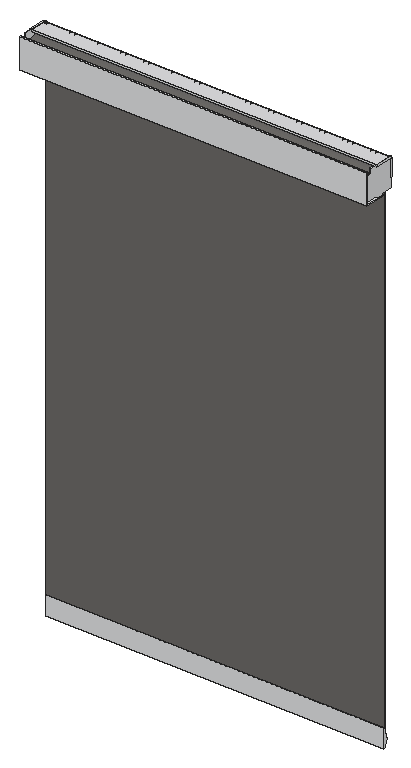
Revit family "Shades-Hunter_Douglas-RB500-Single_Heavy_Duty-Auto-Bracket_Fascia-4in", category Specialty Equipment, Revit 2026
Family settings
  Round Connector Dimension = Use Diameter
  Part Type = Normal
  Classification Number = 23.30.60.14
  Work Plane-Based = No
  Enable Cutting in Views = No
  Always vertical = Yes
  Cut with Voids When Loaded = No
  Maintain Annotation Orientation = No
  Shared = No
  Room Calculation Point = No
Parameters (values of type "Automated")
  URL = "https://www.hunterdouglasarchitectural.com/"
  Type Comments = "Block Out Shade"  # constant formula
  Model = "Heavy Duty Automated 4IN Bracket Fascia"  # constant formula
  Manufacturer = "Hunter Douglas Architectural"  # constant formula
  Description = "Heavy Duty Automatic Roller Shade"  # constant formula
  Default Elevation = 0' - 0"
  CD_Width [instance] = 4' - 0"
  CD_Warranty = "https://assets.hunterdouglasarchitectural.com/documents/RB500/Lifetime_Guarantee_HDA.pdf?_rand=1465740819000"
  CD_Product Page URL = "https://www.hunterdouglasarchitectural.com/windowcoverings/rollershades/RB500/index.jsp"
  CD_Product Name = "RB 500 Roller Shade System"  # constant formula
  CD_Product Documentation Link = "https://www.hunterdouglasarchitectural.com/windowcoverings/rollershades/RB500/index.jsp#cadDrawing"
  CD_Opening Percentage [instance] = 25
  CD_Microsite = "https://microsite.caddetails.com/1669"
  CD_Install Documentation = "https://www.hunterdouglasarchitectural.com/windowcoverings/rollershades/RB500/index.jsp#installationPage"
  CD_Height Opening [instance] = ((CD_Height - CD_Bracket Height - 0' 1 101/256") * CD_Opening Percentage) / 100  # 1' - 10.55957"
  CD_Height [instance] = 8' - 0"
  CD_Finish Rail = Metal-Aluminum-Hunter_Douglas-Anodized
  CD_Finish Frame = Metal-Aluminum-Hunter_Douglas-Anodized
  CD_Finish = Fabric-Shade-Hunter_Douglas-5%-E_Screen-Charcoal_Cocoa
  CD_Fabric Sizing Disclaimer = "Designer to verify maximum fabric size with Manufacturer as the maximum fabric size is dependent on finished dimensions"  # constant formula
  CD_Bracket Height = 0' - 4 47/128"  # constant formula
  CD_Bracket Depth = 0' - 4 35/128"  # constant formula
  Assembly Code = "E2010300"
Reference planes (in)
  plane 1 "Center (Front/Back)": y = 0
  plane 2 "Bottom": z = 0
  plane 3 "Center (Left/Right)": x = 0
  plane 4 "Top": z = 96
  plane 5 "Left": x = -24
  plane 6 "Right": x = 24
  plane 7 "Back": y = 2.13672
  plane 8 "Front": y = -2.13672
  plane 9 "Opening": z = 22.55957
  plane 10 "Head Height": z = 91.63281
  plane 11 "Shade Left": x = -23.44922
  plane 12 "Shade Right": x = 23.44922
  plane 13 "Blind Location": y = 1.60373
  plane 14 "Center (Elevation)": z = 93.81641
Forms (in)
  Extrusion 1, solid, material "Metal-Aluminum-Hunter_Douglas-Anodized" <- "CD_Finish Frame", detail levels medium+fine
    sketch origin (0, 0, 0) x (0, 1, 0) y (0, 0, 1)
      loop
        line (1.98672, 95.61897) -> (1.98672, 93.40397) -> (2.13672, 93.40397) -> (2.13672, 95.61897)
        arc (2.13672, 95.61897) -> (2.04006, 95.85232) -> (1.80672, 95.94897) r 0.33
        line (1.80672, 95.94897) -> (-0.44247, 95.94897) -> (-0.44247, 95.79897) -> (1.80672, 95.79897)
        arc (1.80672, 95.79897) -> (1.934, 95.74625) -> (1.98672, 95.61897) r 0.18
    from -24 to 24
  Extrusion 2, solid, material "Metal-Aluminum-Hunter_Douglas-Anodized" <- "CD_Finish Frame", detail levels coarse
    sketch origin (0, 0, 0) x (0, 1, 0) y (0, 0, 1)
      loop
        line (2.13672, 91.63281) -> (2.13672, 96) -> (-2.13672, 96) -> (-2.13672, 91.63281) -> (2.13672, 91.63281)
    from -24 to 24
  Extrusion 3, solid, material "Fabric-Shade-Hunter_Douglas-5%-E_Screen-Charcoal_Cocoa" <- "CD_Finish"
    sketch origin (0, 0, 0) x (0, 1, 0) y (0, 0, 1)
      loop
        line (1.62122, 22.55957) -> (1.62122, 92.41406) -> (1.58623, 92.41406) -> (1.58623, 22.55957) -> (1.62122, 22.55957)
    from -23.44922 to 23.44922
  Extrusion 4, solid, material "Metal-Aluminum-Hunter_Douglas-Anodized" <- "CD_Finish Frame", detail levels medium+fine
    sketch origin (0, 0, 0) x (0, 1, 0) y (0, 0, 1)
      loop
        arc (0.92385, 91.63384) -> (0.96914, 91.65566) -> (0.98029, 91.70468) r 0.05791
        line (0.98029, 91.70468) -> (-2.06581, 91.70468) -> (-2.06581, 95.79206) -> (-2.13672, 95.79206) -> (-2.13672, 91.63384) -> (0.92385, 91.63384)
    from -24 to 24
  Extrusion 5, solid, material "Metal-Aluminum-Hunter_Douglas-Anodized" <- "CD_Finish Frame", detail levels medium+fine
    sketch origin (24, 0, 0) x (0, 0, 1) y (0, -1, 0)
      loop
        line (95.94897, -2.08672) -> (95.94897, 1.38351) -> (95.2798, 1.38351) -> (95.2798, 1.98828) -> (92.06157, 1.98828) -> (92.04397, 1.9578) -> (92.04397, 0.61328) -> (91.86397, 0.30078) -> (91.86397, -0.27422) -> (92.04397, -0.58672) -> (92.04397, -2.08672) -> (95.94897, -2.08672)
    from -0.125 to 0
  Extrusion 6, solid, material "Metal-Aluminum-Hunter_Douglas-Anodized" <- "CD_Finish Frame", detail levels medium+fine
    sketch origin (-24, 0, 0) x (0, 0, 1) y (0, -1, 0)
      loop
        line (95.94897, -2.08672) -> (95.94897, 1.38351) -> (95.2798, 1.38351) -> (95.2798, 1.98828) -> (92.06157, 1.98828) -> (92.04397, 1.9578) -> (92.04397, 0.61328) -> (91.86397, 0.30078) -> (91.86397, -0.27422) -> (92.04397, -0.58672) -> (92.04397, -2.08672) -> (95.94897, -2.08672)
    from 0 to 0.125
  Extrusion 7, solid, material "Metal-Aluminum-Hunter_Douglas-Anodized" <- "CD_Finish Rail", detail levels fine
    sketch origin (0, 0, 0) x (0, 1, 0) y (0, 0, 1)
      loop
        line (1.90451, 23.84109) -> (1.63672, 24.85966) -> (1.63672, 25.13923) -> (1.57422, 25.13923) -> (1.57422, 22.55957) -> (1.69789, 22.55957) -> (1.90345, 23.32858)
        arc (1.90345, 23.32858) -> (1.93737, 23.58477) -> (1.90451, 23.84109) r 1
    from -23.44922 to 23.44922
  Extrusion 8, solid, material "Fabric-Shade-Hunter_Douglas-5%-E_Screen-Charcoal_Cocoa" <- "CD_Finish"
    sketch origin (0, 0, 0) x (0, 1, 0) y (0, 0, 1)
      loop
        arc (1.62122, 94.02462) -> (-1.66075, 93.89036) -> (1.58623, 93.39394) r 1.65
        line (1.58623, 93.39394) -> (1.58623, 92.41406) -> (1.62122, 92.41406) -> (1.62122, 94.02462)
    from -23.44922 to 23.44922
Cuts and joins
  joined: Extrusion 3, Extrusion 8
Dimensions and locks (in)
  "CD_Height": plane 4 "Top" to plane 2 "Bottom"
  equal spacing: plane 5 "Left", plane 3 "Center (Left/Right)", plane 6 "Right"
  "CD_Width": plane 5 "Left" to plane 6 "Right"
  equal spacing: plane 8 "Front", plane 1 "Center (Front/Back)", plane 7 "Back"
  "CD_Bracket Depth": plane 8 "Front" to plane 7 "Back"
  locked: Extrusion 3 sketch curve to plane 10 "Head Height" at 0.78125
  Extrusion 3 sketch curve to plane 13 "Blind Location" to Extrusion 3 sketch curve = 0' - 0.01749" locked, 0' - 0.01749" locked
  locked: plane 5 "Left" to plane 11 "Shade Left" at 0.55078
  locked: plane 12 "Shade Right" to plane 6 "Right" at 0.55078
  "CD_Height Opening": plane 9 "Opening" to level
  "CD_Bracket Height": plane 4 "Top" to plane 10 "Head Height"
  locked: Extrusion 5 to plane 6 "Right" at 0.125
  locked: Extrusion 6 to plane 5 "Left" at 0.125
  Extrusion 7 sketch curve to Extrusion 7 sketch curve to Extrusion 7 sketch curve to Extrusion 7 sketch curve to plane 9 "Opening" to Extrusion 7 sketch curve = 0' - 0.27957" locked, 0' - 1.01857" locked, 0' - 0.51251" locked, 0' - 0.76901" locked, 0' - 0" locked
  Extrusion 7 sketch curve to Extrusion 7 sketch curve to Extrusion 7 sketch curve to Extrusion 7 sketch curve to Extrusion 7 sketch curve to plane 13 "Blind Location" to Extrusion 7 sketch curve = 0' - 0.03287" locked, 0' - 0.00105" locked, 0' - 0.20556" locked, 0' - 0.06117" locked, 0' - 0.03299" locked, 0' - 0.02951" locked
  Extrusion 8 sketch curve to Extrusion 8 sketch curve to Extrusion 8 sketch curve to plane 4 "Top" = 0' - 1.61056" locked, 0' - 1.42435" locked, 0' - 0.55103" locked
  plane 7 "Back" to Extrusion 8 sketch curve to Extrusion 8 sketch curve to Extrusion 8 sketch curve to Extrusion 8 sketch curve = 0' - 0.5155" locked, 0' - 0" locked, 0' - 0.03498" locked, 0' - 3.24951" locked
  locked: plane 4 "Top" to plane 14 "Center (Elevation)" at 2.18359
  aligned and locked: plane 2 "Bottom" to level
  aligned and locked: plane 4 "Top" to Extrusion 2 sketch curve
  aligned and locked: plane 8 "Front" to Extrusion 2 sketch curve
  aligned and locked: Extrusion 2 sketch curve to plane 7 "Back"
  aligned and locked: Extrusion 2 sketch curve to plane 10 "Head Height"
  aligned and locked: Extrusion 2 to plane 5 "Left"
  aligned and locked: plane 6 "Right" to Extrusion 2
  aligned and locked: Extrusion 3 to plane 11 "Shade Left"
  aligned and locked: plane 12 "Shade Right" to Extrusion 3
  aligned and locked: Extrusion 3 to plane 9 "Opening"
  aligned and locked: Extrusion 1 to plane 5 "Left"
  aligned and locked: plane 6 "Right" to Extrusion 1
  aligned and locked: Extrusion 4 to plane 5 "Left"
  aligned and locked: plane 6 "Right" to Extrusion 4
  aligned and locked: Extrusion 6 to plane 5 "Left"
  aligned and locked: Extrusion 3 to Extrusion 7
  aligned and locked: Extrusion 7 to Extrusion 3
  aligned and locked: Extrusion 8 to plane 11 "Shade Left"
  aligned and locked: plane 12 "Shade Right" to Extrusion 8
Automatic sketch dimensions
  plane 9 "Opening" to Extrusion 3 sketch curve = 0' - 0"
  Extrusion 1 sketch curve to Extrusion 1 sketch curve = 0' - 0"  (x2)
  Extrusion 1 sketch curve to plane 7 "Back" = 0' - 0"
  plane 7 "Back" to Extrusion 1 sketch curve = 0' - 0.15"
  Extrusion 1 sketch curve to plane 4 "Top" = 0' - 0.05103"
  Extrusion 1 sketch curve to plane 13 "Blind Location" = 0' - 0.20299"
  plane 1 "Center (Front/Back)" to Extrusion 1 sketch curve = 0' - 0.44247"
  plane 10 "Head Height" to Extrusion 1 sketch curve = 0' - 1.77116"
  Extrusion 4 sketch curve to plane 8 "Front" = 0' - 0"
  plane 10 "Head Height" to Extrusion 4 sketch curve = 0' - 0.00103"
  Extrusion 4 sketch curve to plane 4 "Top" = 0' - 0.20794"
  plane 13 "Blind Location" to Extrusion 4 sketch curve = 0' - 0.67988"
  Extrusion 4 sketch curve to plane 8 "Front" = 0' - 0.07091"
  Extrusion 4 sketch curve to Extrusion 4 sketch curve = 0' - 0.05791"
  Extrusion 4 sketch curve to Extrusion 4 sketch curve = 0' - 0.05644"
  plane 10 "Head Height" to Extrusion 6 sketch curve = 0' - 0.23116"
  Extrusion 6 sketch curve to Extrusion 6 sketch curve = 0' - 0.18"
  Extrusion 6 sketch curve to plane 8 "Front" = 0' - 0.17892"
  plane 10 "Head Height" to Extrusion 6 sketch curve = 0' - 0.41116"
  Extrusion 6 sketch curve to plane 8 "Front" = 0' - 0 19/128"
  Extrusion 6 sketch curve to Extrusion 6 sketch curve = 0' - 0.0176"
  Extrusion 6 sketch curve to plane 4 "Top" = 0' - 0.7202"
  Extrusion 6 sketch curve to plane 4 "Top" = 0' - 0.05103"
  Extrusion 6 sketch curve to plane 8 "Front" = 0' - 0.75321"
  plane 1 "Center (Front/Back)" to Extrusion 6 sketch curve = 0' - 0 157/256"
  plane 1 "Center (Front/Back)" to Extrusion 6 sketch curve = 0' - 0 77/256"
  Extrusion 6 sketch curve to plane 1 "Center (Front/Back)" = 0' - 0.27422"
  Extrusion 6 sketch curve to Extrusion 6 sketch curve = 0' - 0 5/16"
  plane 7 "Back" to Extrusion 6 sketch curve = 0' - 0.05"
  plane 10 "Head Height" to Extrusion 5 sketch curve = 0' - 0.23116"
  Extrusion 5 sketch curve to Extrusion 5 sketch curve = 0' - 0.18"
  Extrusion 5 sketch curve to plane 8 "Front" = 0' - 0.17892"
  plane 10 "Head Height" to Extrusion 5 sketch curve = 0' - 0.41116"
  Extrusion 5 sketch curve to plane 8 "Front" = 0' - 0 19/128"
  Extrusion 5 sketch curve to Extrusion 5 sketch curve = 0' - 0.0176"
  Extrusion 5 sketch curve to plane 4 "Top" = 0' - 0.7202"
  Extrusion 5 sketch curve to plane 4 "Top" = 0' - 0.05103"
  Extrusion 5 sketch curve to plane 8 "Front" = 0' - 0.75321"
  plane 1 "Center (Front/Back)" to Extrusion 5 sketch curve = 0' - 0 157/256"
  plane 1 "Center (Front/Back)" to Extrusion 5 sketch curve = 0' - 0 77/256"
  Extrusion 5 sketch curve to plane 1 "Center (Front/Back)" = 0' - 0.27422"
  Extrusion 5 sketch curve to Extrusion 5 sketch curve = 0' - 0 5/16"
  plane 7 "Back" to Extrusion 5 sketch curve = 0' - 0.05"
